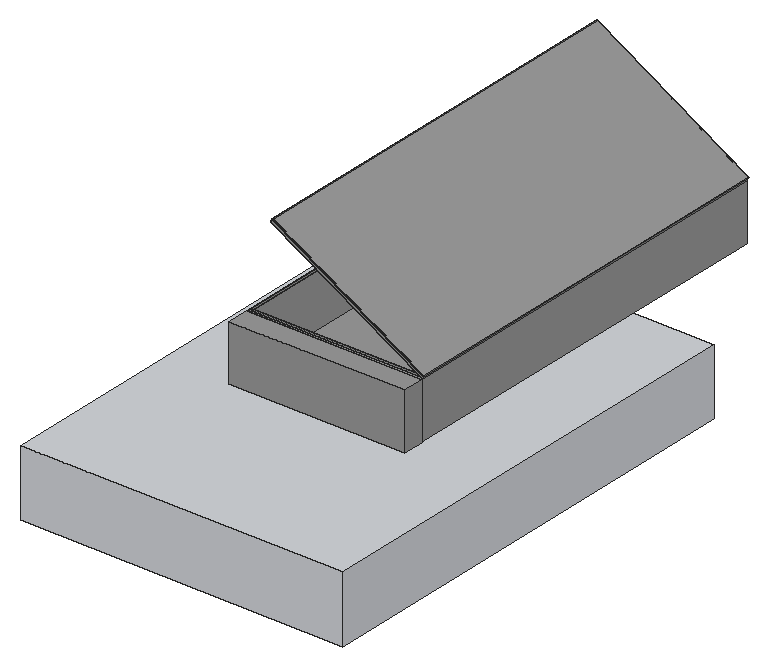
Revit family "Hager-Univers-IP55-D275-H1950-Cl.II-Steel_encl-BE-fr", category Equipement électrique, Revit 2020
Family settings
  Hôte = Face
  Configuration du panneau = Deux colonnes, circuits au sein
  Cote de connecteur circulaire = Utiliser le diamètre
  Type d'élément = Tableau de raccordement
  Couper avec des vides une fois chargée = Non
  Partagée = Non
  Point de calcul de pièce = Non
Parameters (values of type "installation au sol IP55 L800 H1950 P275  - FR23S1")
  Width Control [instance] = if([EF000008 - largeur] > Min Width, [EF000008 - largeur], Min Width)  # 800 mm
  Commentaires du type = [HG000003 - Gamme]  # "Univers"
  Thickness Door [instance] = if([EF009171 - épaisseur de matériau de la porte/du couvercle] > 3 mm, 3 mm, [EF009171 - épaisseur de matériau de la porte/du couvercle])  # 1.5 mm
  Seal Frame Offset [instance] = 17 mm  # constant formula
  Plinth Visibility [instance] = [HG000027 - Hauteur du socle] > 0 mm  # yes
  Model = ""
  Min Width [instance] = 100 mm  # constant formula
  Min Height [instance] = 100 mm  # constant formula
  Min Depth [instance] = (2 * [EF009170 - épaisseur de matériau du boîtier]) + 1 mm  # 4 mm
  Internal Frame Depth [instance] = (Door System Depth * 0.5)  # 9 mm
  Height Control [instance] = if([EF000040 - hauteur] > Min Height, [EF000040 - hauteur], Min Height)  # 1950 mm
  HG000027 - Hauteur du socle = 100 mm
  HG000026 - Installation au sol = yes
  HG000024 - Hauteur de la section basse = 800 mm
  HG000023 - Armoire double section = no
  HG000016 - Visibilité de la porte 3D [instance] = yes
  HG000015 - Visibilité de l'emprise de la porte [instance] = no
  HG000014 - Porte à droite [instance] = yes
  HG000013 - Porte à gauche [instance] = not([HG000014 - Porte à droite])  # no
  HG000012 - Angle de pivotement de la porte [instance] = 30.00°
  HG000010 - Portes asymétriques = no
  HG000009 - Porte à double battant = no
  HG000006 - Encastré = no
  HG000004 - Référence fabricant = "FR23S1"
  HG000003 - Gamme = "Univers"
  HG000002 - avec porte = yes
  Frame Offset Bottom [instance] = 10 mm  # constant formula
  Frame Offset [instance] = 15 mm  # constant formula
  EF015940 - couvercle avec décharge de pression = no
  EF011959 - degré de protection (NEMA) = ""
  EF009554 - nombre d'ouvertures pour plaques à bride = 6
  Fabricant = "Hager"  # constant formula
  EF009212 - finition du couvercle = "EV000116 - fermé"
  EF009171 - épaisseur de matériau de la porte/du couvercle = 1.5 mm
  EF009170 - épaisseur de matériau du boîtier = 1.5 mm
  EF008873 - courant nominal (In) = 800 A
  EF007800 - adapté à un parafoudre = no
  EF006306 - avec serrure = no
  EF006244 - couvercle/porte transparent(e) = no
  EF005474 - indice de protection (IP) = "EV006420 - IP55"
  EF004464 - type de porte = "EV002646 - unique"
  EF004427 - nombre de modules = 432
  EF004293 - indice de protection contre les chocs (IK) = "EV008784 - IK10"
  EF003532 - convient pour utilisation à l’extérieur = no
  EF002950 - largeur en nombre de modules = 24
  EF001613 - maintien de fonction = "EV000494 - sans"
  EF001596 - matériau du boîtier/corps = "EV000179 - acier"
  EF001131 - profondeur intérieure = 275 mm
  EF001088 - possibilité de montage en saillie = yes
  EF000437 - nombre d'entrées de conduit = 6
  EF000339 - type de capot = "EV004216 - porte"
  EF000266 - nombre de rangées = 12
  EF000218 - profondeur d'encastrement = 0 mm
  EF000118 - avec cadre/support de montage = no
  EF000116 - numéro RAL = "7035"
  EF000049 - profondeur = 275 mm
  EF000040 - hauteur = 1950 mm
  EF000008 - largeur = 800 mm
  EF000007 - couleur = "EV000270 - gris"
  EF000003 - mode de pose = "EV012274 - installation au sol"
  Door System Leaf Tolerance [instance] = 1.5 mm  # constant formula
  Door System Depth [instance] = 18 mm  # constant formula
  Door Height [instance] = Height Control - [HG000027 - Hauteur du socle]  # 1850 mm
  Depth Control [instance] = if([EF000049 - profondeur] > Min Depth, [EF000049 - profondeur], Min Depth)  # 275 mm
  Default Elevation = 0 mm
  Connector Offset [instance] = Height Control / 2  # 975 mm
  Bottom Top Plate Trim [instance] = 1.5 mm  # constant formula
  Plinth height Ctrl [instance] = if([HG000027 - Hauteur du socle] > 0 mm, [HG000027 - Hauteur du socle], 12 mm)  # 100 mm
Types (11, lengths in mm): name | Width Control | HG000010 - Portes asymétriques | HG000009 - Porte à double battant | HG000004 - Référence fabricant | EF009554 - nombre d'ouvertures pour plaques à bride | EF006244 - couvercle/porte transparent(e) | EF004464 - type de porte | EF004427 - nombre de modules | EF000437 - nombre d'entrées de conduit | EF000008 - largeur
  installation au sol IP55 L1050 H1950 P275  - FR24L1 | 1050 | yes | yes | "FR24L1" | 8 | yes | "EV003602 - double" | 576 | 8 | 1050
  installation au sol IP55 L1050 H1950 P275  - FR24S1 | 1050 | yes | yes | "FR24S1" | 8 | no | "EV003602 - double" | 576 | 8 | 1050
  installation au sol IP55 L1300 H1950 P275  - FR25L1 | 1300 | yes | yes | "FR25L1" | 10 | yes | "EV003602 - double" | 720 | 10 | 1300
  installation au sol IP55 L1300 H1950 P275  - FR25S1 | 1300 | yes | yes | "FR25S1" | 10 | no | "EV003602 - double" | 720 | 10 | 1300
  installation au sol IP55 L1550 H1950 P275  - FR26L1 | 1550 | yes | yes | "FR26L1" | 12 | yes | "EV003602 - double" | 864 | 12 | 1550
  installation au sol IP55 L1550 H1950 P275  - FR26S1 | 1550 | yes | yes | "FR26S1" | 12 | no | "EV003602 - double" | 864 | 12 | 1550
  installation au sol IP55 L300 H1950 P275  - FR21S1 | 300 | no | no | "FR21S1" | 2 | no | "EV002646 - unique" | 144 | 2 | 300
  installation au sol IP55 L550 H1950 P275  - FR22L1 | 550 | no | no | "FR22L1" | 4 | yes | "EV002646 - unique" | 288 | 4 | 550
  installation au sol IP55 L550 H1950 P275  - FR22S1 | 550 | no | no | "FR22S1" | 4 | no | "EV002646 - unique" | 288 | 4 | 550
  installation au sol IP55 L800 H1950 P275  - FR23L1 | 800 | no | no | "FR23L1" | 6 | yes | "EV002646 - unique" | 432 | 6 | 800
  installation au sol IP55 L800 H1950 P275  - FR23S1 | 800 | no | no | "FR23S1" | 6 | no | "EV002646 - unique" | 432 | 6 | 800
Reference planes
  plane 1 "Center (Front/Back)": y = 0
  plane 2: z = 0
  plane 3 "Center (Left/Right)": x = 0
  plane 4: z = 275
  plane 5: y = 101.5
  plane 6: y = 1025
  plane 7: y = 100
  plane 8: y = 1950
  plane 9: z = 0
  plane 10: x = -385
  plane 11: x = 385
  plane 12: x = 383.5
  plane 13: x = -383.5
  plane 14: y = 1948.5
  plane 15: x = -383
  plane 16: x = -400
  plane 17: x = 383
  plane 18: x = 400
  plane 19: x = 398.5
  plane 20: x = -398.5
  plane 21: y = 111.5
  plane 22: y = 1950
  plane 23: y = 1933.5
  plane 24: z = 257
  plane 25: z = 1.5
  plane 26: z = 255.5
  plane 27: z = 273.5
Forms (mm)
  Extrusion 1, solid
    sketch origin (0, 0, 0) x (1, 0, 0) y (0, 1, 0)
      loop
        line (-702.964, 1305) -> (-702.964, -811.445) -> (766.763, -811.445) -> (766.763, 1305) -> (-702.964, 1305)
    from 0 to -304.8
  Extrusion 2, solid, material "Hager_Steel_RAL7035_Light_Grey", visible <- "Plinth Visibility", detail levels medium+fine
    sketch origin (0, 0, 0) x (1, 0, 0) y (0, 1, 0)
      loop
        line (-400, 0) -> (400, 0) -> (400, 100) -> (-400, 100) -> (-400, 0)
    from 0 to 257
  Extrusion 3, solid, material "Hager_Steel_RAL7035_Light_Grey", detail levels medium+fine
    sketch origin (0, 0, 0) x (1, 0, 0) y (0, 1, 0)
      loop
        line (-400, 100) -> (400, 100) -> (400, 1950) -> (-400, 1950) -> (-400, 100)
    from 0 to 257
  Extrusion 4, void
    sketch origin (0, 0, 0) x (1, 0, 0) y (0, 1, 0)
      loop
        line (-398.5, 101.5) -> (398.5, 101.5) -> (398.5, 1948.5) -> (-398.5, 1948.5) -> (-398.5, 101.5)
    from 1.5 to 255.5
  Extrusion 5, void
    sketch origin (-381.607, -4572, 257) x (0, -1, 0) y (-1, 0, 0)
      loop
        line (-4683.5, 1.893) -> (-6505.5, 1.893) -> (-6505.5, -765.107) -> (-4683.5, -765.107) -> (-4683.5, 1.893)
    from 0 to 1.5 <- "EF009170 - épaisseur de matériau du boîtier"
  Extrusion 6, solid, material "Hager_Steel_RAL7035_Light_Grey", detail levels fine
    sketch origin (0, 0, 257) x (1, 0, 0) y (0, 1, 0)
      loop
        line (-383.5, 1933.5) -> (-383.5, 111.5) -> (383.5, 111.5) -> (383.5, 1933.5) -> (-383.5, 1933.5)
      loop
        line (-385, 110) -> (385, 110) -> (385, 1935) -> (-385, 1935) -> (-385, 110)
    from 0 to 9 <- "Internal Frame Depth"
  Extrusion 7, solid, material "Hager_Steel_RAL7035_Light_Grey", detail levels coarse
    sketch origin (0, 0, 0) x (1, 0, 0) y (0, 1, 0)
      loop
        line (-400, 0) -> (400, 0) -> (400, 1950) -> (-400, 1950) -> (-400, 0)
    from 0 to 275
  Sweep 8, void
    path in 3D
      loop
        line (-400, 100, 0) -> (400, 100, 0) -> (400, 100, 257) -> (-400, 100, 257) -> (-400, 100, 0)
    profile origin (-400, 100, 128.5) x (-1, 0, 0) y (0, -1, 0)
      loop
        line (0, 0) -> (0, 1.5) -> (-1.5, 1.5)
        arc (-1.5, 1.5) -> (-1.061, 0.439) -> (0, 0) r 1.5
Cuts and joins
  Extrusion 4, Extrusion 5 cuts Extrusion 3
  Sweep 8 cuts Extrusion 2
Lines and regions (mm)
  Masking region 1
    outline origin (0, 0, 0) x (1, 0, 0) y (0, 0, 1)
      loop
        line (-400, 275) -> (-400, 0) -> (400, 0) -> (400, 275) -> (-400, 275)
  Masking region 2, detail levels medium+fine
    outline origin (0, 140, 0) x (0, 1, 0) y (0, 0, 1)
      loop
        line (-40, 0) -> (1810, 0) -> (1810, 257) -> (-40, 257) -> (-40, 0)
  Masking region 3, not visible, detail levels medium+fine
    outline origin (0, 297.922, 0) x (0, 1, 0) y (0, 0, 1)
      loop
        line (738.578, 0) -> (778.578, 0) -> (778.578, 263.5)
        arc (778.578, 263.5) -> (775.649, 270.571) -> (768.578, 273.5) r 10
        line (768.578, 273.5) -> (738.578, 273.5) -> (738.578, 0)
  Masking region 4, detail levels coarse
    outline origin (0, 0, 180) x (0, 1, 0) y (0, 0, 1)
      loop
        line (0, -180) -> (1950, -180) -> (1950, 95) -> (0, 95) -> (0, -180)
  Masking region 5, visible <- "Plinth Visibility", detail levels medium+fine
    outline origin (0, 52.24, 12.345) x (0, 0, -1) y (0, 1, 0)
      loop
        line (10.845, 47.76) -> (-243.155, 47.76)
        arc (-243.155, 47.76) -> (-243.594, 46.699) -> (-244.655, 46.26) r 1.5
        line (-244.655, 46.26) -> (-244.655, -52.24) -> (12.345, -52.24) -> (12.345, 46.26)
        arc (12.345, 46.26) -> (11.285, 46.699) -> (10.845, 47.76) r 1.5
  Masking region 6, detail levels medium+fine
    outline origin (-381.607, -4572, 257) x (-1, 0, 0) y (0, -1, 0)
      loop
        line (18.393, -6522) -> (18.393, -4672) -> (-781.607, -4672) -> (-781.607, -6522) -> (18.393, -6522)
  Masking region 7, visible <- "Plinth Visibility", detail levels medium+fine
    outline origin (-381.607, -4727, 257) x (-1, 0, 0) y (0, -1, 0)
      loop
        arc (16.893, -4827) -> (17.332, -4825.939) -> (18.393, -4825.5) r 1.5
        line (18.393, -4825.5) -> (18.393, -4727) -> (-781.607, -4727) -> (-781.607, -4825.5)
        arc (-781.607, -4825.5) -> (-780.546, -4825.939) -> (-780.107, -4827) r 1.5
        line (-780.107, -4827) -> (16.893, -4827)
  Masking region 8, detail levels coarse
    outline origin (-442.548, -4669.526, 257) x (-1, 0, 0) y (0, -1, 0)
      loop
        line (-42.548, -6619.526) -> (-42.548, -4669.526) -> (-842.548, -4669.526) -> (-842.548, -6619.526) -> (-42.548, -6619.526)
  sketch lines
    curve 1: line (-400, 100, 257) -> (-400, 100, 0)
    curve 2: line (400, 100, 257) -> (-400, 100, 257)
    curve 3: line (400, 100, 257) -> (400, 100, 0)
    curve 4: line (-400, 100, 0) -> (400, 100, 0)
Dimensions and locks
  "Depth Control": plane 4 to Extrusion 1
  "HG000027 - Hauteur du socle": plane 1 "Center (Front/Back)" to plane 7
  "EF009170 - épaisseur de matériau du boîtier": plane 5 to plane 7
  locked: connector elem to plane 3 "Center (Left/Right)"
  equal spacing: plane 8, plane 6, plane 7
  locked: connector elem to plane 6
  "EF009170 - épaisseur de matériau du boîtier": plane 8 to plane 14
  "EF009170 - épaisseur de matériau du boîtier": plane 10 to plane 13
  "EF009170 - épaisseur de matériau du boîtier": plane 12 to plane 11
  "Frame Offset": plane 20 to plane 13
  "Frame Offset": plane 12 to plane 19
  "EF009170 - épaisseur de matériau du boîtier": plane 16 to plane 20
  "EF009170 - épaisseur de matériau du boîtier": plane 19 to plane 18
  "Seal Frame Offset": plane 16 to plane 15
  "Seal Frame Offset": plane 17 to plane 18
  "Frame Offset Bottom": plane 21 to plane 5
  "Frame Offset": plane 14 to plane 23
  equal spacing: plane 16, plane 3 "Center (Left/Right)", plane 18
  "Width Control": plane 16 to plane 18
  "EF009170 - épaisseur de matériau du boîtier": plane 4 to plane 27
  "EF009170 - épaisseur de matériau du boîtier": plane 24 to plane 26
  "EF009170 - épaisseur de matériau du boîtier": plane 25 to level
  "Door System Depth": plane 4 to plane 24
  "Height Control": plane 1 "Center (Front/Back)" to Extrusion 7 sketch curve
  "Height Control": Masking region 4 sketch curve to plane 1 "Center (Front/Back)"
  "Height Control": plane 1 "Center (Front/Back)" to plane 22
  "Bottom Top Plate Trim": profile plane to Sweep 8 sketch curve
  "Bottom Top Plate Trim": Sweep 8 sketch curve to profile plane
  "Plinth height Ctrl": plane 1 "Center (Front/Back)" to Extrusion 2 sketch curve
  "Plinth height Ctrl": Masking region 5 sketch curve to plane 1 "Center (Front/Back)"
  "Plinth height Ctrl": plane 1 "Center (Front/Back)" to Masking region 7 sketch curve
  "Thickness Door": Extrusion 6 sketch curve to Extrusion 6 sketch curve  (x3)
  "Thickness Door": cut or joined group of Extrusion 3, Extrusion 4, Extrusion 5 to Extrusion 6 sketch curve
  radius of Masking region 3 sketch curve = 10 mm
  "Bottom Top Plate Trim": radius of Masking region 5 sketch curve  (x2)
  "Bottom Top Plate Trim": radius of Sweep 8 sketch curve
  "Bottom Top Plate Trim": radius of Masking region 7 sketch curve  (x2)
  aligned and locked: plane 2 to Extrusion 1
  aligned and locked: level to Extrusion 1
  aligned and locked: level to Masking region 1 sketch curve
  aligned and locked: Masking region 1 sketch curve to plane 18
  aligned and locked: Masking region 1 sketch curve to plane 16
  aligned and locked: plane 7 to Masking region 2 sketch curve
  aligned and locked: level to Masking region 3 sketch curve
  aligned and locked: Masking region 3 sketch curve to plane 27
  aligned and locked: level to Masking region 2 sketch curve
  aligned and locked: plane 1 "Center (Front/Back)" to Extrusion 2 sketch curve
  aligned and locked: Extrusion 3 sketch curve to plane 7
  aligned and locked: plane 16 to Extrusion 3 sketch curve
  aligned and locked: plane 18 to Extrusion 3 sketch curve
  aligned and locked: plane 20 to Extrusion 4 sketch curve
  aligned and locked: plane 19 to Extrusion 4 sketch curve
  aligned and locked: Extrusion 4 sketch curve to plane 5
  aligned and locked: Extrusion 4 to plane 25
  aligned and locked: plane 26 to Extrusion 4
  aligned and locked: plane 24 to Extrusion 3
  aligned and locked: Extrusion 5 sketch curve to plane 21
  aligned and locked: Extrusion 5 sketch curve to plane 13
  aligned and locked: Extrusion 5 sketch curve to plane 12
  aligned and locked: plane 18 to Extrusion 7 sketch curve
  aligned and locked: plane 1 "Center (Front/Back)" to Extrusion 7 sketch curve
  aligned and locked: plane 16 to Extrusion 7 sketch curve
  aligned and locked: plane 4 to Extrusion 7
  aligned and locked: Extrusion 7 to level
  aligned and locked: level to Masking region 4 sketch curve
  aligned and locked: Masking region 4 sketch curve to plane 1 "Center (Front/Back)"
  aligned and locked: Masking region 4 sketch curve to plane 4
  aligned and locked: nested 1 to level
  aligned and locked: nested 1 to plane 16
  aligned and locked: plane 8 to Extrusion 3 sketch curve
  aligned and locked: plane 23 to Extrusion 5 sketch curve
  aligned and locked: plane 14 to Extrusion 4 sketch curve
  aligned and locked: Masking region 2 sketch curve to plane 8
  aligned and locked: level to Masking region 5 sketch curve
  aligned and locked: plane 16 to Extrusion 2 sketch curve
  aligned and locked: plane 18 to Extrusion 2 sketch curve
  aligned and locked: Masking region 5 sketch curve to plane 24
  aligned and locked: Masking region 2 sketch curve to plane 24
  aligned and locked: plane 24 to Extrusion 2
  aligned and locked: profile plane to Sweep 8 sketch curve  (x2)
  aligned and locked: Masking region 6 sketch curve to plane 18
  aligned and locked: Masking region 6 sketch curve to plane 22
  aligned and locked: Masking region 6 sketch curve to plane 16
  aligned and locked: plane 8 to plane 22
  aligned and locked: Masking region 6 sketch curve to plane 7
  aligned and locked: Masking region 7 sketch curve to plane 16
  aligned and locked: Masking region 7 sketch curve to plane 1 "Center (Front/Back)"
  aligned and locked: Masking region 7 sketch curve to plane 18
  aligned and locked: Masking region 8 sketch curve to plane 1 "Center (Front/Back)"
  aligned and locked: Masking region 8 sketch curve to plane 18
  aligned and locked: Masking region 8 sketch curve to plane 22
  aligned and locked: Masking region 8 sketch curve to plane 16
  aligned and locked: nested 2 to plane 7
  aligned and locked: plane 3 "Center (Left/Right)" to nested 2
  aligned and locked: nested 2 to plane 24
  aligned and locked: Extrusion 6 sketch curve to cut or joined group of Extrusion 3, Extrusion 4, Extrusion 5  (x4)
Automatic sketch dimensions
  Extrusion 1 sketch curve to Extrusion 1 sketch curve = 1469.727 mm
  Extrusion 1 sketch curve to Extrusion 1 sketch curve = 2116.445 mm
  Masking region 1 sketch curve to plane 4 = 0 mm
  plane 6 to Masking region 3 sketch curve = 11.5 mm
  Masking region 3 sketch curve to Masking region 3 sketch curve = 30 mm
  Masking region 5 sketch curve to plane 1 "Center (Front/Back)" = 0 mm
Nested families
  nested 1: "Hager_Enclosure_Symbol" at (-400, 0, 0) x (1, 0, 0) z (0, -1, 0), Height <- "Depth Control", Width <- "Width Control", type "Hager_Enclosure_Symbol"
    with Width_Ctrl 800 mm, Width 800 mm, Height_Ctrl 275 mm, Height 275 mm, A_Width_Int 18.047 mm, A_Width 216.562 mm, A_Height_Ctrl 240.625 mm, A_Height 240.625 mm
  nested 2: "EC000058_Univers_Door" at (0, 100, 257) x (1, 0, 0) z (0, 1, 0), Leaf_Tolerance <- "Door System Leaf Tolerance", Angle <- "HG000012 - Angle de pivotement de la porte", Door_Depth <- "Door System Depth", Door_Left <- "HG000013 - Porte à gauche", Transparent <- "EF006244 - couvercle/porte transparent(e)", Assymetrical <- "HG000010 - Portes asymétriques", Width <- "Width Control", Clearance <- "HG000015 - Visibilité de l'emprise de la porte", Double <- "HG000009 - Porte à double battant", 3d_Door <- "HG000016 - Visibilité de la porte 3D", Lock_Visibility <- "EF006306 - avec serrure", Width_Ctrl <- "Width Control", Door_Right <- "HG000014 - Porte à droite", Door <- "HG000002 - avec porte", Height <- "Door Height", Thickness <- "Thickness Door", type "EC000058_Univers_Door", detail levels medium+fine
    with min_wh 4 mm, Width_Ctrl 800 mm, Width 800 mm, Transparent no, Thickness 1.5 mm, Seal_Material Hager_Rubber, Lock_Visibility no, Lock_Material Hager_Plastic_RAL9005_Jet_Black, Leaf_Width 800 mm, Leaf_Tolerance_External_Sides 0 mm, Leaf_Tolerance 1.5 mm, Leaf_Offset 0 mm, Leaf_Height 1847 mm, Leaf_2_Width 800 mm, Leaf_2_Offset 400 mm, Leaf_1_Width 800 mm, Leaf_1_Offset 400 mm, Height_Ctrl 1850 mm, Height 1850 mm, Glass_Material Hager_Glass, Double_Clearance_Ctrl no, Double no, Door_Right_Ctrl yes, Door_Right yes, Door_Material Hager_Steel_RAL7035_Light_Grey, Door_Left_Ctrl no, Door_Left no, Door_Depth 18 mm, Door yes, Clearance_Material Hager_Clearance, Clearance_Depth 800 mm, Clearance_Ctrl no, Clearance no, Assymetrical no, Angle 30.00°, 3d_Door yes
Connectors
  electrical at (0, 1025, 0)
    settings: on plane 9, index 1, voltage 0 V, apparent load 0 VA, apparent load phase1 0 VA, apparent load phase2 0 VA, apparent load phase3 0 VA, power factor 1, load classification "Other", number of poles 1, system type 30, power factor state 1, is connector primary yes, connector utility no, sub classification motor no, connector description ""
Definition of nested family "EC000058_Univers_Door"
  Parameters (values of type "EC000058_Univers_Door")
    min_wh [instance] = (2 * Thickness) + 1 mm  # 11 mm
    Width_Ctrl [instance] = 400 mm
    Width [instance] = 500 mm
    Transparent [instance] = yes
    Thickness [instance] = 5 mm
    Seal_Material [instance] = none
    Lock_Visibility [instance] = yes
    Lock_Material [instance] = none
    Leaf_Width [instance] = if((Width_Ctrl - 2 * Leaf_Tolerance_External_Sides) > 0 mm, (Width_Ctrl - 2 * Leaf_Tolerance_External_Sides), min_wh)  # 400 mm
    Leaf_Tolerance_External_Sides [instance] = 0 mm  # constant formula
    Leaf_Tolerance [instance] = 1.5 mm
    Leaf_Offset [instance] = 0 mm  # constant formula
    Leaf_Height [instance] = if((Height_Ctrl - 2 * Leaf_Tolerance) > 0 mm, (Height_Ctrl - 2 * Leaf_Tolerance), min_wh)  # 497 mm
    Leaf_2_Width [instance] = if(and(and(Double, Assymetrical), Door_Left), (Leaf_Width / 3) - (Leaf_Tolerance / 2), if(and(and(Double, Assymetrical), Door_Right), (Leaf_Width / 3) * 2 - (Leaf_Tolerance / 2), if(and(Double, not(Assymetrical)), (Leaf_Width / 2) - Leaf_Tolerance, Leaf_Width)))  # 400 mm
    Leaf_2_Offset [instance] = if(and(Double, Assymetrical), Leaf_2_Width / 2, if(and(Double, not(Assymetrical)), Leaf_Width / 4, Leaf_Width / 2))  # 200 mm
    Leaf_1_Width [instance] = if(and(and(Double, Assymetrical), Door_Right), (Leaf_Width / 3) - (Leaf_Tolerance / 2), if(and(and(Double, Assymetrical), Door_Left), (Width / 3) * 2 - (Leaf_Tolerance / 2), if(and(Double, not(Assymetrical)), (Leaf_Width / 2) - Leaf_Tolerance, Leaf_Width)))  # 400 mm
    Leaf_1_Offset [instance] = if(and(Double, Assymetrical), Leaf_1_Width / 2, if(and(Double, not(Assymetrical)), Leaf_Width / 4, Leaf_Width / 2))  # 200 mm
    Height_Ctrl [instance] = if(Height > min_wh, Height, min_wh)  # 500 mm
    Height [instance] = 500 mm
    Glass_Material [instance] = none
    Double_Clearance_Ctrl [instance] = and(Double, Clearance)  # no
    Double [instance] = no
    Door_Right_Ctrl [instance] = and(or(Door_Right, Double), Door)  # yes
    Door_Right [instance] = yes
    Door_Material [instance] = none
    Door_Left_Ctrl [instance] = and(or(Door_Left, Double), Door)  # no
    Door_Left [instance] = no
    Door_Depth [instance] = 30 mm
    Door [instance] = yes
    Default Elevation = 1219.2 mm
    Clearance_Material [instance] = none
    Clearance_Depth [instance] = if(Leaf_1_Width > Leaf_2_Width, Leaf_1_Width, Leaf_2_Width)  # 400 mm
    Clearance_Ctrl [instance] = and(not(Double), Clearance)  # yes
    Clearance [instance] = yes
    Assymetrical [instance] = yes
    Angle [instance] = 30.00°
    3d_Door [instance] = yes
  Reference planes
    plane 1 "Center (Front/Back)": y = 0
    plane 2 "Bottom": z = 0
    plane 3 "Center (Left/Right)": x = 0
    plane 4: z = 500
    plane 5: x = -200
    plane 6: x = 200
    plane 7: z = 500
    plane 8: x = -200
    plane 9: z = 0
    plane 10: x = 200
    plane 11: y = 0
    plane 12: z = 1.5
    plane 13: x = -600
    plane 14: y = -400
    plane 15: x = 600
    plane 16: x = 0
    plane 17: x = 0
    plane 18: x = -200
    plane 19: x = 200
    plane 20: z = 498.5
  Forms (mm)
    Extrusion 1, solid, material <- "Clearance_Material", visible <- "Double_Clearance_Ctrl"
      sketch origin (1200, 0, 0) x (1, 0, 0) y (0, 0, -1)
        loop
          line (-1800, -498.5) -> (-600, -498.5) -> (-600, 0) -> (-1800, 0) -> (-1800, -498.5)
      from 0 to -400
  Dimensions and locks
    equal spacing: plane 5, plane 3 "Center (Left/Right)", plane 6
    "Width_Ctrl": plane 5 to plane 6
    "Leaf_Offset": plane 5 to plane 8
    "Leaf_Offset": plane 6 to plane 10
    "Leaf_Offset": plane 9 to level
    "Leaf_Offset": plane 4 to plane 7
    "Height_Ctrl": plane 4 to level
    "Leaf_Tolerance": plane 12 to plane 9
    locked: plane 11 to plane 1 "Center (Front/Back)"
    "Leaf_1_Offset": plane 18 to plane 16
    "Leaf_2_Offset": plane 17 to plane 19
    "Leaf_1_Width": plane 13 to plane 8
    "Leaf_2_Width": plane 10 to plane 15
    "Clearance_Depth": plane 14 to plane 1 "Center (Front/Back)"
    "Leaf_Tolerance_External_Sides": plane 8 to plane 18
    "Leaf_Tolerance_External_Sides": plane 19 to plane 10
    "Leaf_Tolerance": plane 7 to plane 20
    aligned and locked: level to plane 2 "Bottom"
    aligned and locked: nested 1 to plane 16
    aligned and locked: nested 2 to plane 17
    aligned and locked: Extrusion 1 to plane 13
    aligned and locked: plane 15 to Extrusion 1
    aligned and locked: Extrusion 1 to plane 14
    aligned and locked: plane 12 to nested 1
    aligned and locked: nested 2 to plane 12
    aligned and locked: Extrusion 1 to plane 11
    aligned and locked: plane 20 to Extrusion 1
    aligned and locked: nested 2 to plane 11
    aligned and locked: nested 1 to plane 11
  Automatic sketch dimensions
    Extrusion 1 sketch curve to level = 0 mm
    plane 5 to Extrusion 1 sketch curve = 400 mm
    plane 6 to Extrusion 1 sketch curve = 400 mm
    Extrusion 1 sketch curve to plane 4 = 1.5 mm
  Nested families
    nested 1: "EC000058_Univers_Door_Leaf" at (0, 0, 1.5), Width <- "Leaf_1_Width", visible <- "Door_Left_Ctrl", Leaf_Height <- "Leaf_Height", Angle <- "Angle", 3d_Door <- "3d_Door", Transparent <- "Transparent", Clearance Material <- "Clearance_Material", Clearance <- "Clearance_Ctrl", Door_Material <- "Door_Material", Glass_Material <- "Glass_Material", Door_Depth <- "Door_Depth", Lock_Material <- "Lock_Material", Seal_Material <- "Seal_Material", Lock_Visibility <- "Lock_Visibility", Thickness <- "Thickness", type "EC000058_Univers_Door_Leaf"
      with Width 400 mm, Transparent_Glass_Offset 30 mm, Transparent_Ctrl yes, Transparent yes, Thickness 5 mm, Standard no, Seal_Material none, Seal_D2 8 mm, Seal_D1 1 mm, Offset_Internal_Frame 10 mm, Lock_Width 20 mm, Lock_Visibility_3d yes, Lock_Visibility yes, Lock_Thickness_3 3 mm, Lock_Thickness_2 1 mm, Lock_Thickness_1 3 mm, Lock_Radius_Offset_2 16 mm, Lock_Radius_Offset_1 15 mm, Lock_Radius_2 5 mm, Lock_Radius 6 mm, Lock_Offset 5 mm, Lock_Material none, Lock_Height 80 mm, Lock_Cover_Top_Offset_2d 17 mm, Lock_Cover_Height -65 mm, Leaf_Height 497 mm, Internal_Seal_Thickness 8 mm, Internal_Seal_Depth_2 4.5 mm, Internal_Frame_Depth 25 mm, Glass_Thickness -1 mm, Glass_Offset -2 mm, Glass_Material none, Door_Material none, Door_Depth 30 mm, Clearance Material none, Clearance yes, Angle_Ctrl 30.00°, Angle 30.00°, 3d_Door yes
    nested 2: "EC000058_Univers_Door_Leaf" at (0, 0, 1.5) x (-1, 0, 0) z (0, 0, 1), Width <- "Leaf_2_Width", visible <- "Door_Right_Ctrl", Leaf_Height <- "Leaf_Height", Angle <- "Angle", 3d_Door <- "3d_Door", Transparent <- "Transparent", Clearance Material <- "Clearance_Material", Clearance <- "Clearance_Ctrl", Door_Material <- "Door_Material", Glass_Material <- "Glass_Material", Door_Depth <- "Door_Depth", Lock_Material <- "Lock_Material", Seal_Material <- "Seal_Material", Lock_Visibility <- "Lock_Visibility", Thickness <- "Thickness", type "EC000058_Univers_Door_Leaf"
      with Width 400 mm, Transparent_Glass_Offset 30 mm, Transparent_Ctrl yes, Transparent yes, Thickness 5 mm, Standard no, Seal_Material none, Seal_D2 8 mm, Seal_D1 1 mm, Offset_Internal_Frame 10 mm, Lock_Width 20 mm, Lock_Visibility_3d yes, Lock_Visibility yes, Lock_Thickness_3 3 mm, Lock_Thickness_2 1 mm, Lock_Thickness_1 3 mm, Lock_Radius_Offset_2 16 mm, Lock_Radius_Offset_1 15 mm, Lock_Radius_2 5 mm, Lock_Radius 6 mm, Lock_Offset 5 mm, Lock_Material none, Lock_Height 80 mm, Lock_Cover_Top_Offset_2d 17 mm, Lock_Cover_Height -65 mm, Leaf_Height 497 mm, Internal_Seal_Thickness 8 mm, Internal_Seal_Depth_2 4.5 mm, Internal_Frame_Depth 25 mm, Glass_Thickness -1 mm, Glass_Offset -2 mm, Glass_Material none, Door_Material none, Door_Depth 30 mm, Clearance Material none, Clearance yes, Angle_Ctrl 30.00°, Angle 30.00°, 3d_Door yes
  Definition of nested family "EC000058_Univers_Door_Leaf"
    Parameters (values of type "EC000058_Univers_Door_Leaf")
      Width [instance] = 2000 mm
      Transparent_Glass_Offset [instance] = 30 mm
      Transparent_Ctrl [instance] = and(Transparent, [3d_Door])  # yes
      Transparent [instance] = yes
      Thickness [instance] = 5 mm
      Standard [instance] = and(not(Transparent), [3d_Door])  # no
      Seal_Material [instance] = none
      Seal_D2 [instance] = 8 mm  # constant formula
      Seal_D1 [instance] = 1 mm  # constant formula
      Offset_Internal_Frame [instance] = 10 mm  # constant formula
      Lock_Width [instance] = 20 mm  # constant formula
      Lock_Visibility_3d [instance] = and(Lock_Visibility, [3d_Door])  # yes
      Lock_Visibility [instance] = yes
      Lock_Thickness_3 [instance] = 3 mm  # constant formula
      Lock_Thickness_2 [instance] = 1 mm  # constant formula
      Lock_Thickness_1 [instance] = 3 mm  # constant formula
      Lock_Radius_Offset_2 [instance] = Lock_Radius_Offset_1 + 1 mm  # 16 mm
      Lock_Radius_Offset_1 [instance] = 15 mm  # constant formula
      Lock_Radius_2 [instance] = Lock_Radius - 1 mm  # 5 mm
      Lock_Radius [instance] = 6 mm  # constant formula
      Lock_Offset [instance] = 5 mm  # constant formula
      Lock_Material [instance] = none
      Lock_Height [instance] = 80 mm  # constant formula
      Lock_Cover_Top_Offset_2d [instance] = Lock_Radius_Offset_2 + 1 mm  # 17 mm
      Lock_Cover_Height [instance] = -(Lock_Height - Lock_Radius_Offset_1)  # -65 mm
      Leaf_Height [instance] = 2720.336 mm
      Internal_Seal_Thickness [instance] = 8 mm  # constant formula
      Internal_Seal_Depth_2 [instance] = 4.5 mm  # constant formula
      Internal_Frame_Depth [instance] = if(Door_Depth - Thickness > 5 mm, Door_Depth - Thickness, 5 mm)  # 25 mm
      Glass_Thickness [instance] = if(Thickness > 15 mm, Glass_Offset + 10 mm, -1 mm)  # -1 mm
      Glass_Offset [instance] = if(Thickness > 15 mm, -(Thickness + 10 mm) / 2, -2 mm)  # -2 mm
      Glass_Material [instance] = none
      Door_Material [instance] = none
      Door_Depth [instance] = 30 mm
      Default Elevation = 0 mm
      Clearance Material [instance] = none
      Clearance [instance] = yes
      Angle_Ctrl [instance] = if(Angle > 180.00°, 180.00°, Angle)  # 90.00°
      Angle [instance] = 90.00°
      3d_Door [instance] = yes
    Reference planes
      plane 1 "Center (Front/Back)": y = 0
      plane 2: z = 0
      plane 3 "Center (Left/Right)": x = 0
      plane 4: y = 2000
      plane 5: x = -1000
      plane 6: x = 1000
      plane 7: x = -3000
      plane 8: z = 2720.336
      plane 9: z = 30
      plane 10: z = 2690.336
      plane 11: x = 970
      plane 12: x = -970
      plane 13: y = -3
      plane 14: z = 107.833
      plane 15: y = -5
      plane 16: y = -223.314
      plane 17: x = -1000
      plane 18: z = 1360.168
      plane 19: y = 30
    Forms (mm)
      Extrusion 1, solid, material <- "Clearance Material", visible <- "Clearance"
        sketch origin (0, 0, 0) x (1, 0, 0) y (0, 0, 1)
          loop
            line (-3000, 2720.336) -> (-3000, 0) -> (1000, 0) -> (1000, 2720.336) -> (-3000, 2720.336)
        from 0 to -2000
      Extrusion 2, solid, material <- "Door_Material", visible <- "Standard", detail levels medium+fine
        sketch origin (-1000, 0, 0) x (0, 1, 0) y (-1, 0, 0)
          loop
            line (0, 30) -> (0, 25) -> (2000, 25) -> (2000, 30) -> (0, 30)
        from 0 to 2720.336 <- "Leaf_Height"
      Extrusion 3, solid, material <- "Door_Material", visible <- "Transparent_Ctrl", detail levels medium+fine
        sketch origin (-1000, 0, 0) x (0, 1, 0) y (-1, 0, 0)
          loop
            line (0, 25) -> (2000, 25) -> (2000, 30) -> (0, 30) -> (0, 25)
        from 0 to 2720.336 <- "Leaf_Height"
      Extrusion 4, void
        sketch origin (-1025, 2000, 0) x (0, 1, 0) y (0, 0, -1)
          loop
            line (-30, -2690.336) -> (-30, -30) -> (-1970, -30) -> (-1970, -2690.336) -> (-30, -2690.336)
        from 0 to 5 <- "Thickness"
      Sweep 5, solid, material <- "Seal_Material", visible <- "Transparent_Ctrl", detail levels fine
        path in 3D
          loop
            line (-1025, 30, 30) -> (-1025, 30, 2690.336) -> (-1025, 1970, 2690.336) -> (-1025, 1970, 30) -> (-1025, 30, 30)
        profile origin (-1025, 1000, 30) x (1, 0, 0) y (0, 0, 1)
          loop
            line (0, 0) -> (0, -8) -> (1, -8) -> (1, 0) -> (0, 0)
      Extrusion 6, solid, material <- "Glass_Material", visible <- "Transparent_Ctrl", detail levels medium+fine
        sketch origin (-1030, 0, 0) x (0, 1, 0) y (0, 0, -1)
          loop
            line (1970, -2690.336) -> (1970, -30) -> (30, -30) -> (30, -2690.336) -> (1970, -2690.336)
        from -2 <- "Glass_Offset" to -1 <- "Glass_Thickness"
      Extrusion 7, solid, material <- "Door_Material", visible <- "3d_Door", detail levels medium+fine
        sketch origin (-1025, 2000, 0) x (0, -1, 0) y (0, 0, -1)
          loop
            line (0, -2720.336) -> (2000, -2720.336) -> (2000, 0) -> (0, 0) -> (0, -2720.336)
          loop
            line (1995, -5) -> (5, -5) -> (5, -2715.336) -> (1995, -2715.336) -> (1995, -5)
        from 0 to 25 <- "Internal_Frame_Depth"
      Sweep 8, solid, material <- "Seal_Material", visible <- "Transparent_Ctrl", detail levels fine
        path in 3D
          loop
            line (-1025, 0, 0) -> (-1025, 2000, 0) -> (-1025, 2000, 2720.336) -> (-1025, 0, 2720.336) -> (-1025, 0, 0)
        profile origin (-1025, 0, 1360.168) x (1, 0, 0) y (0, 1, 0)
          loop
            line (0, 10) -> (2.975, 10)
            arc (2.975, 10) -> (4.053, 10.447) -> (4.5, 11.525) r 1.525
            line (4.5, 11.525) -> (4.5, 16.527)
            arc (4.5, 16.527) -> (4.069, 17.569) -> (3.027, 18) r 1.473
            line (3.027, 18) -> (0, 18) -> (0, 10)
      Extrusion 9, solid, material <- "Lock_Material", visible <- "Lock_Visibility_3d", detail levels fine
        sketch origin (-1030, 0, 0) x (0, 1, 0) y (0, 0, -1)
          loop
            arc (1993.5, -1400.168) -> (1994.561, -1399.729) -> (1995, -1398.668) r 1.5
            line (1995, -1398.668) -> (1995, -1320.168) -> (1975, -1320.168) -> (1975, -1398.668)
            arc (1975, -1398.668) -> (1975.439, -1399.729) -> (1976.5, -1400.168) r 1.5
            line (1976.5, -1400.168) -> (1993.5, -1400.168)
        from 3 <- "Lock_Thickness_1" to 0
      Blend 10, solid, material <- "Lock_Material", visible <- "Lock_Visibility_3d", detail levels fine
        base sketch origin (-1033, 0, 0) x (0, 1, 0) y (0, 0, -1)
          loop
            line (1975, -1320.168) -> (1975, -1398.668)
            arc (1975, -1398.668) -> (1975.439, -1399.729) -> (1976.5, -1400.168) r 1.5
            line (1976.5, -1400.168) -> (1993.5, -1400.168)
            arc (1993.5, -1400.168) -> (1994.561, -1399.729) -> (1995, -1398.668) r 1.5
            line (1995, -1398.668) -> (1995, -1320.168) -> (1975, -1320.168)
        top sketch origin (-1033, 0, 0) x (0, 1, 0) y (0, 0, -1)
          loop
            line (1976, -1320.168) -> (1976, -1398.668)
            arc (1976, -1398.668) -> (1976.146, -1399.022) -> (1976.5, -1399.168) r 0.5
            line (1976.5, -1399.168) -> (1993.5, -1399.168)
            arc (1993.5, -1399.168) -> (1993.854, -1399.022) -> (1994, -1398.668) r 0.5
            line (1994, -1398.668) -> (1994, -1320.168) -> (1976, -1320.168)
        from 0 to 1 <- "Lock_Thickness_2"
      Blend 11, solid, material <- "Lock_Material", visible <- "Lock_Visibility_3d", detail levels fine
        base sketch origin (-1034, 0, 0) x (0, 1, 0) y (0, 0, -1)
          loop
            line (1978, -1320.168) -> (1978, -1384.168)
            arc (1978, -1384.168) -> (1985, -1391.168) -> (1992, -1384.168) r 7
            line (1992, -1384.168) -> (1992, -1320.168) -> (1978, -1320.168)
        top sketch origin (-1034, 0, 0) x (0, 1, 0) y (0, 0, -1)
          loop
            line (1991, -1320.168) -> (1979, -1320.168) -> (1979, -1383.168)
            arc (1979, -1383.168) -> (1985, -1389.168) -> (1991, -1383.168) r 6
            line (1991, -1383.168) -> (1991, -1320.168)
        from 0 to 3 <- "Lock_Thickness_3"
      Extrusion 12, solid, material <- "Lock_Material", visible <- "Lock_Visibility_3d", detail levels fine
        sketch origin (-1030, 1975, 1320.168) x (1, 0, 0) y (0, -1, 0)
          loop
            line (-7, -19) -> (-7, -1) -> (0, -1) -> (0, 0) -> (-8, 0) -> (-8, -20) -> (0, -20) -> (0, -19) -> (-7, -19)
        from 0 to -65 <- "Lock_Cover_Height"
      Extrusion 13, void
        sketch origin (-1038, 1995, 1320.168) x (-1, 0, 0) y (0, 0, -1)
          loop
            line (-5, -65) -> (0, -65) -> (-5, -60) -> (-5, -65)
        from 0 to 20 <- "Lock_Width"
      Extrusion 14, void
        sketch origin (-1038, 1975, 1320.168) x (0, -1, 0) y (0, 0, -1)
          loop
            circle (-10, -15.995) r 6
          loop
            circle (-10, -15.995) r 5
        from 0 to 2
      Extrusion 15, solid, material <- "Lock_Material", visible <- "Lock_Visibility_3d", detail levels medium
        sketch origin (-1030, 0, 0) x (0, 1, 0) y (0, 0, -1)
          loop
            arc (1993.5, -1400.168) -> (1994.561, -1399.729) -> (1995, -1398.668) r 1.5
            line (1995, -1398.668) -> (1995, -1320.168) -> (1975, -1320.168) -> (1975, -1398.668)
            arc (1975, -1398.668) -> (1975.439, -1399.729) -> (1976.5, -1400.168) r 1.5
            line (1976.5, -1400.168) -> (1993.5, -1400.168)
        from 8 to 0
    Cuts and joins
      Extrusion 4 cuts Extrusion 3
      Extrusion 13, Extrusion 14 cuts Extrusion 9
      Extrusion 14 cuts Blend 11
      Extrusion 13, Extrusion 14 cuts Extrusion 12
      joined: Extrusion 9, Blend 10, Blend 11, Extrusion 12
      Extrusion 14 cuts Extrusion 15
    Lines and regions (mm)
      Masking region 1, visible <- "Lock_Visibility", detail levels fine
        outline origin (0, 0, 0) x (0, 1, 0) y (0, 0, 1)
          loop
            line (30, 1320.168) -> (33, 1320.168) -> (33, 1400.168) -> (30, 1400.168) -> (30, 1320.168)
      Masking region 2, visible <- "Lock_Visibility", detail levels fine
        outline origin (0, 3.143, 0) x (0, 1, 0) y (0, 0, 1)
          loop
            line (29.857, 1354.168) -> (30.857, 1354.168) -> (30.857, 1366.168) -> (29.857, 1366.168) -> (29.857, 1354.168)
      Masking region 3, detail levels medium+fine
        outline origin (0, 0, 0) x (0, 1, 0) y (0, 0, 1)
          loop
            line (0, 0) -> (30, 0) -> (30, 2720.336) -> (0, 2720.336) -> (0, 0)
      Masking region 4, detail levels medium+fine
        outline origin (0, 0, 0) x (1, 0, 0) y (0, 0, 1)
          loop
            line (-1000, 2720.336) -> (-1000, 0) -> (1000, 0) -> (1000, 2720.336) -> (-1000, 2720.336)
      Masking region 5, visible <- "Lock_Visibility", detail levels fine
        outline origin (-47.116, 0, 0) x (1, 0, 0) y (0, 0, 1)
          loop
            arc (1024.616, 1399.168) -> (1023.556, 1398.729) -> (1023.116, 1397.668) r 1.5
            line (1023.116, 1397.668) -> (1023.116, 1320.168) -> (1041.116, 1320.168) -> (1041.116, 1397.668)
            arc (1041.116, 1397.668) -> (1040.677, 1398.729) -> (1039.616, 1399.168) r 1.5
            line (1039.616, 1399.168) -> (1024.616, 1399.168)
      Masking region 6, visible <- "Lock_Visibility", detail levels medium+fine
        outline origin (-25, 0, 0) x (1, 0, 0) y (0, 0, 1)
          loop
            arc (1001.5, 1400.168) -> (1000.439, 1399.729) -> (1000, 1398.668) r 1.5
            line (1000, 1398.668) -> (1000, 1320.168) -> (1020, 1320.168) -> (1020, 1398.668)
            arc (1020, 1398.668) -> (1019.561, 1399.729) -> (1018.5, 1400.168) r 1.5
            line (1018.5, 1400.168) -> (1001.5, 1400.168)
      Masking region 7, visible <- "Lock_Visibility", detail levels fine
        outline origin (-73.735, 0, 0) x (1, 0, 0) y (0, 0, 1)
          loop
            line (1051.735, 1382.168) -> (1065.735, 1382.168) -> (1065.735, 1384.168)
            arc (1065.735, 1384.168) -> (1058.735, 1391.168) -> (1051.735, 1384.168) r 7
            line (1051.735, 1384.168) -> (1051.735, 1382.168)
      Masking region 8, visible <- "Lock_Visibility", detail levels fine
        outline origin (-73.735, 0, 0) x (1, 0, 0) y (0, 0, 1)
          loop
            line (1052.735, 1382.168) -> (1064.735, 1382.168) -> (1064.735, 1383.168)
            arc (1064.735, 1383.168) -> (1058.735, 1389.168) -> (1052.735, 1383.168) r 6
            line (1052.735, 1383.168) -> (1052.735, 1382.168)
      Masking region 9, visible <- "Lock_Visibility", detail levels fine
        outline origin (-25, 0, 0) x (1, 0, 0) y (0, 0, 1)
          loop
            line (1020, 1320.168) -> (1020, 1382.168) -> (1000, 1382.168) -> (1000, 1320.168) -> (1020, 1320.168)
      Masking region 10, detail levels medium+fine
        outline origin (0, 0, 0) x (1, 0, 0) y (0, 0, 1)
          loop
            circle (985, 1335.144) r 6
      Masking region 11, detail levels fine
        outline origin (0, 0, 0) x (1, 0, 0) y (0, 0, 1)
          loop
            circle (985, 1335.144) r 5
      Masking region 12, visible <- "Lock_Visibility", detail levels fine
        outline origin (0, 12.767, 0) x (0, 1, 0) y (0, 0, 1)
          loop
            line (20.233, 1320.168) -> (21.233, 1320.168) -> (21.233, 1399.168) -> (20.233, 1400.168) -> (20.233, 1320.168)
      Masking region 13, visible <- "Lock_Visibility", detail levels fine
        outline origin (0, 13.767, -10) x (0, 1, 0) y (0, 0, 1)
          loop
            line (20.233, 1330.168) -> (23.233, 1330.168) -> (23.233, 1399.168) -> (20.233, 1402.168) -> (20.233, 1330.168)
      Masking region 14, visible <- "Lock_Visibility", detail levels fine
        outline origin (0, 12.767, -10) x (0, 1, 0) y (0, 0, 1)
          loop
            line (20.233, 1330.168) -> (25.233, 1330.168) -> (25.233, 1399.305) -> (20.233, 1394.305) -> (20.233, 1330.168)
      Masking region 15, visible <- "Lock_Visibility", detail levels medium
        outline origin (0, 0, 0) x (0, 1, 0) y (0, 0, 1)
          loop
            line (30, 1320.168) -> (38, 1320.168) -> (38, 1400.168) -> (30, 1400.168) -> (30, 1320.168)
      Masking region 16, visible <- "Lock_Visibility", detail levels fine
        outline origin (-1000, 0, 0) x (0, 1, 0) y (-1, 0, 0)
          loop
            line (1975, 30) -> (1995, 30) -> (1995, 38) -> (1975, 38) -> (1975, 30)
          loop
            line (1979, 37) -> (1976, 37) -> (1976, 34) -> (1978, 34) -> (1979, 37)
          loop
            line (1994, 37) -> (1991, 37) -> (1992, 34) -> (1994, 34) -> (1994, 37)
      Masking region 17, visible <- "Lock_Visibility", detail levels medium
        outline origin (-1000, 0, 0) x (0, 1, 0) y (-1, 0, 0)
          loop
            line (1975, 30) -> (1995, 30) -> (1995, 38) -> (1975, 38) -> (1975, 30)
      symbolic lines
        curve 1: line (1000, 0, 0) -> (-3000, 0, 0)
        curve 2: arc (1000, 0, 0) -> (-1000, 2000, 0) -> (-3000, 0, 0) r 2000
        curve 4: line (-1030, 0, 0) -> (-1030, 2000, 0)
      reference lines
        curve 3: line (-1000, 0, 0) -> (-1000, 2000, 0)
      symbolic lines, detail levels medium+fine
        curve 5: line (-1030, 2000, 0) -> (-1025, 2000, 0)
        curve 7: line (-1025, 0, 0) -> (-1030, 0, 0)
        curve 8: line (-1025, 0, 0) -> (-1000, 0, 0)
        curve 9: line (-1000, 0, 0) -> (-1000, 2000, 0)
        curve 10: line (-1000, 2000, 0) -> (-1025, 2000, 0)
      symbolic lines, detail levels fine
        curve 6: line (-1025, 2000, 0) -> (-1025, 0, 0)
      sketch lines
        curve 11: line (-1025, 0, 2720.336) -> (-1025, 0, 0)
        curve 12: line (-1025, 2000, 0) -> (-1025, 0, 0)
        curve 13: line (-1025, 2000, 2720.336) -> (-1025, 2000, 0)
        curve 14: line (-1025, 0, 2720.336) -> (-1025, 2000, 2720.336)
        curve 15: line (-1025, 1970, 30) -> (-1025, 30, 30)
        curve 16: line (-1025, 30, 30) -> (-1025, 30, 2690.336)
        curve 17: line (-1025, 1970, 2690.336) -> (-1025, 1970, 30)
        curve 18: line (-1025, 30, 2690.336) -> (-1025, 1970, 2690.336)
      symbolic lines, visible <- "Transparent", detail levels medium+fine
        curve 19: line (-970, 0, 2690.336) -> (970, 0, 2690.336)
        curve 20: line (-970, 0, 30) -> (-970, 0, 2690.336)
        curve 21: line (970, 0, 30) -> (-970, 0, 30)
        curve 22: line (970, 0, 2690.336) -> (970, 0, 30)
    Dimensions and locks
      "Width": plane 1 "Center (Front/Back)" to plane 4
      equal spacing: plane 5, plane 3 "Center (Left/Right)", plane 6
      "Width": plane 5 to plane 6
      "Width": plane 7 to plane 5
      "Leaf_Height": plane 8 to level
      "Width": curve 5 to curve 3
      "Width": curve 3 to curve 3
      plane 8 to plane 10 = 30 mm
      plane 9 to level = 30 mm
      plane 12 to plane 5 = 30 mm
      plane 6 to plane 11 = 30 mm
      Extrusion 1 to Extrusion 4 sketch curve = 30 mm
      "Transparent_Glass_Offset": curve 3 to Extrusion 4 sketch curve
      "Transparent_Glass_Offset": Extrusion 4 sketch curve to cut or joined group of Extrusion 3, Extrusion 4  (x2)
      cut or joined group of Extrusion 3, Extrusion 4 to Extrusion 6 sketch curve = 30 mm
      "Transparent_Glass_Offset": cut or joined group of Extrusion 3, Extrusion 4 to Extrusion 4 sketch curve
      "Thickness": curve 6 to curve 4
      "Thickness": Extrusion 7 sketch curve to Extrusion 7 sketch curve  (x4)
      "Door_Depth": curve 4 to curve 3
      "Offset_Internal_Frame": profile plane to Sweep 8 sketch curve
      "Internal_Seal_Thickness": Sweep 8 sketch curve to Sweep 8 sketch curve
      "Internal_Seal_Depth_2": profile plane to Sweep 8 sketch curve
      "Seal_D1": profile plane to Sweep 5 sketch curve
      "Seal_D2": profile plane to Sweep 5 sketch curve
      "Thickness": Extrusion 2 sketch curve to Extrusion 2 sketch curve
      equal spacing: Extrusion 9 sketch curve, plane 18, Extrusion 9 sketch curve  (x2)
      equal spacing: Masking region 1 sketch curve, plane 18, Masking region 1 sketch curve
      "Lock_Height": Masking region 1 sketch curve to Masking region 1 sketch curve
      "Lock_Radius": Masking region 2 sketch curve to plane 18 to Masking region 2 sketch curve
      Masking region 2 sketch curve to Masking region 1 = 1 mm
      "Door_Depth": plane 19 to plane 1 "Center (Front/Back)"
      "Lock_Thickness_1": Masking region 1 sketch curve to plane 19
      "Lock_Width": Extrusion 9 sketch curve to Extrusion 9 sketch curve
      "Lock_Height": Extrusion 9 sketch curve to Extrusion 9 sketch curve
      "Lock_Offset": cut or joined group of Extrusion 3, Extrusion 4 to Extrusion 9 sketch curve
      equal spacing: plane 8, plane 18, level
      "Lock_Radius_Offset_1": Blend 11 sketch curve to Blend 10
      locked: Blend 10 to Blend 11 sketch curve at 2  (x2)
      locked: var sketch to Blend 11 sketch curve at 1  (x2)
      "Lock_Radius_Offset_2": Blend 11 sketch curve to Blend 10
      locked: Extrusion 12 sketch curve to Extrusion 12 sketch curve at 1  (x3)
      Masking region 6 sketch curve to Masking region 6 sketch curve = 80 mm
      "Lock_Height": Masking region 6 sketch curve to Masking region 6 sketch curve
      "Lock_Width": Masking region 6 sketch curve to Masking region 6 sketch curve
      locked: Masking region 6 to Masking region 5 sketch curve at 1  (x3)
      locked: Masking region 5 to Masking region 7 sketch curve at 2  (x2)
      "Lock_Radius_Offset_1": Masking region 5 to Masking region 7 sketch curve
      "Lock_Radius_Offset_2": Masking region 5 to Masking region 8 sketch curve
      locked: Masking region 7 to Masking region 8 sketch curve at 1  (x2)
      "Lock_Cover_Top_Offset_2d": Masking region 5 to Masking region 9 sketch curve
      equal spacing: Masking region 9, Masking region 10 sketch curve, Masking region 9
      equal spacing: Masking region 9, Masking region 11 sketch curve, Masking region 9
      Extrusion 15 sketch curve to Extrusion 15 sketch curve = 80 mm
      "Lock_Width": Extrusion 15 sketch curve to Extrusion 15 sketch curve
      "Lock_Height": Extrusion 15 sketch curve to Extrusion 15 sketch curve
      equal spacing: Extrusion 15 sketch curve, plane 18, Extrusion 15 sketch curve
      "Lock_Thickness_3": Masking region 13 sketch curve to Masking region 13 sketch curve
      "Lock_Height": Masking region 12 sketch curve to Masking region 12 sketch curve
      locked: Masking region 13 sketch curve to Masking region 1 at 8
      locked: Masking region 14 sketch curve to Masking region 13 at 1
      locked: Masking region 14 sketch curve to Masking region 1 at 10.863
      "Lock_Height": Masking region 15 sketch curve to Masking region 15 sketch curve
      "Lock_Offset": Extrusion 15 sketch curve to cut or joined group of Extrusion 3, Extrusion 4
      "Lock_Offset": plane 6 to Masking region 6 sketch curve
      radius of Sweep 8 sketch curve = 1.525 mm
      radius of Sweep 8 sketch curve = 1.473 mm
      radius of Extrusion 9 sketch curve = 1.5 mm  (x2)
      "Lock_Radius": radius of Extrusion 14 sketch curve
      "Lock_Radius_2": radius of Extrusion 14 sketch curve
      "Lock_Radius": radius of Masking region 10 sketch curve
      "Lock_Radius_2": radius of Masking region 11 sketch curve
      radius of Extrusion 15 sketch curve = 1.5 mm  (x2)
      "Angle_Ctrl": angle plane 1 "Center (Front/Back)" to curve 3
      locked: Masking region 12 sketch curve to Masking region 12 sketch curve (angle 45.00°)
      locked: Masking region 13 sketch curve to Masking region 13 sketch curve (angle 45.00°)
      locked: Masking region 14 sketch curve to Masking region 14 sketch curve (angle 45.00°)
      aligned and locked: level to plane 2
      aligned and locked: Extrusion 1 to curve 1
      aligned and locked: plane 6 to Extrusion 1
      aligned and locked: Extrusion 1 to plane 1 "Center (Front/Back)"
      aligned and locked: plane 4 to Extrusion 1
      aligned and locked: plane 8 to Extrusion 1
      aligned and locked: curve 7 to Extrusion 2 sketch curve
      aligned and locked: curve 5 to Extrusion 2 sketch curve
      aligned and locked: curve 7 to Extrusion 3 sketch curve
      aligned and locked: Extrusion 3 sketch curve to curve 4
      aligned and locked: Extrusion 3 sketch curve to curve 6
      aligned and locked: Extrusion 3 sketch curve to curve 5
      aligned and locked: curve 9 to curve 3
      aligned and locked: Extrusion 7 sketch curve to cut or joined group of Extrusion 3, Extrusion 4  (x4)
      aligned and locked: plane 17 to curve 3
      aligned and locked: plane 1 "Center (Front/Back)" to curve 3
      aligned and locked: plane 17 to plane 5
      aligned and locked: Sweep 8 sketch curve to profile plane
      aligned and locked: Sweep 5 sketch curve to profile plane  (x2)
      aligned and locked: Masking region 1 to Masking region 2 sketch curve
      aligned and locked: plane 19 to Masking region 1 sketch curve
      aligned and locked: plane 1 "Center (Front/Back)" to Masking region 3 sketch curve
      aligned and locked: plane 19 to Masking region 3 sketch curve
      aligned and locked: level to Masking region 3 sketch curve
      aligned and locked: Masking region 3 sketch curve to plane 8
      aligned and locked: plane 17 to Masking region 4 sketch curve
      aligned and locked: level to Masking region 4 sketch curve
      aligned and locked: Masking region 4 sketch curve to plane 8
      aligned and locked: plane 12 to curve 20
      aligned and locked: plane 10 to curve 19
      aligned and locked: plane 11 to curve 22
      aligned and locked: curve 21 to plane 9
      aligned and locked: Extrusion 2 sketch curve to cut or joined group of Extrusion 3, Extrusion 4
      aligned and locked: Blend 10 sketch curve to Extrusion 9  (x4)
      aligned and locked: Extrusion 9 to Blend 10 sketch curve
      aligned and locked: Blend 10 to Blend 11 sketch curve
      aligned and locked: Extrusion 12 sketch curve to Blend 11
      aligned and locked: Extrusion 12 sketch curve to Extrusion 9  (x4)
      aligned and locked: Masking region 5 sketch curve to Masking region 6
      aligned and locked: Masking region 9 sketch curve to Masking region 6  (x3)
      aligned and locked: Masking region 12 sketch curve to Masking region 1
      aligned and locked: Masking region 13 sketch curve to Masking region 1
      aligned and locked: Masking region 12 to Masking region 14
      aligned and locked: Masking region 14 sketch curve to Masking region 1
      aligned and locked: Masking region 15 sketch curve to Masking region 14
      aligned and locked: Masking region 13 sketch curve to Masking region 12
      aligned and locked: Masking region 16 sketch curve to cut or joined group of Extrusion 14, Extrusion 15  (x4)
      aligned and locked: Masking region 16 sketch curve to cut or joined group of Extrusion 9, Blend 10, Blend 11, Extrusion 12, Extrusion 13, Extrusion 14  (x6)
      aligned and locked: cut or joined group of Extrusion 9, Blend 10, Blend 11, Extrusion 12, Extrusion 13, Extrusion 14 to Masking region 16 sketch curve
      aligned and locked: Masking region 17 sketch curve to cut or joined group of Extrusion 14, Extrusion 15  (x3)
      aligned and locked: Masking region 17 sketch curve to cut or joined group of Extrusion 9, Blend 10, Blend 11, Extrusion 12, Extrusion 13, Extrusion 14
      aligned and locked: Masking region 9 to Masking region 8 sketch curve
      aligned and locked: Masking region 9 to Masking region 7 sketch curve
    Automatic sketch dimensions
      plane 1 "Center (Front/Back)" to curve 2 = 0 mm
      curve 2 to plane 5 = 0 mm
      Extrusion 1 sketch curve to level = 0 mm
      Extrusion 1 sketch curve to plane 7 = 0 mm
      Extrusion 1 sketch curve to plane 6 = 0 mm
      Extrusion 1 sketch curve to plane 8 = 0 mm
      Extrusion 3 to Extrusion 6 sketch curve = 30 mm  (x4)
      Masking region 4 sketch curve to plane 6 = 0 mm
      Blend 10 sketch curve to Extrusion 9 = 1.5 mm
      Blend 10 sketch curve to Extrusion 9 = 1 mm
      Extrusion 13 sketch curve to Extrusion 12 = 0 mm  (x2)
      Extrusion 12 to Extrusion 13 sketch curve = 3 mm
      Extrusion 13 sketch curve to Extrusion 12 = 5 mm
      Extrusion 14 sketch curve to Extrusion 14 sketch curve = 0 mm  (x2)
      Extrusion 14 sketch curve to Extrusion 12 = 10 mm
      Extrusion 14 sketch curve to Extrusion 12 = 15.995 mm
      Masking region 5 sketch curve to Masking region 5 sketch curve = 1.5 mm  (x2)
      Masking region 10 sketch curve to plane 18 = 25.024 mm
      Masking region 11 sketch curve to plane 18 = 25.024 mm
      plane 19 to Masking region 14 sketch curve = 3 mm
      Masking region 16 sketch curve to Masking region 16 sketch curve = 3 mm
      curve 4 to curve 3 = 0 mm
      Blend 10 to Blend 11 sketch curve = 0 mm
      Masking region 6 sketch curve to Masking region 6 sketch curve = 1.5 mm  (x2)
      Masking region 6 sketch curve to plane 18 = 40 mm
      plane 19 to Masking region 12 sketch curve = 3 mm
      Masking region 12 sketch curve to Masking region 12 sketch curve = 1 mm
      Masking region 15 sketch curve to plane 19 = 0 mm
      Masking region 15 sketch curve to plane 18 = 40 mm
      radius of Blend 10 sketch curve to Extrusion 9 = 1 mm
Definition of nested family "Hager_Enclosure_Symbol"
  Parameters (values of type "Hager_Enclosure_Symbol")
    Width_Ctrl [instance] = if(Width > 1 mm, Width, 1 mm)  # 102.27 mm
    Width [instance] = 102.27 mm
    Height_Ctrl [instance] = if(Height > 1 mm, Height, 1 mm)  # 66.5 mm
    A_Width_Int [instance] = if(A_Width / 12 > 2 mm, A_Width / 12, 2 mm)  # 4.364 mm
    A_Width [instance] = if(A_Height_Ctrl * 0.9 > 2 mm, A_Height_Ctrl * 0.9, 2 mm)  # 52.369 mm
    A_Height_Ctrl [instance] = if(A_Height > 2 mm, A_Height, 2 mm)  # 58.188 mm
    Height [instance] = 66.5 mm
    A_Height [instance] = Height - (Height / 8)  # 58.188 mm
  Reference planes
    plane 1 "Centre (avant/arrière)": y = 0
    plane 2: z = 0
    plane 3 "Centre (gauche/droite)": x = 0
    plane 4: x = 52.369
    plane 5: y = 33.042
    plane 6: y = 41.77
    plane 7: y = 66.5
    plane 8: x = 26.184
    plane 9: y = 37.406
    plane 10: x = 102.27
    plane 11: y = 66.5
    plane 12: y = 8.313
  Lines and regions (mm)
    Filled region 1, type "Solid_Black", in view "Niveau de réf."
      outline origin (0, 0, 0) x (1, 0, 0) y (0, 1, 0)
        loop
          line (52.369, 66.5) -> (33.188, 54.536) -> (45.365, 45.006) -> (52.369, 66.5)
    Filled region 2, type "Solid_Black", in view "Niveau de réf."
      outline origin (0, 0, 0) x (1, 0, 0) y (0, 1, 0)
        loop
          line (0, 0) -> (102.27, 0) -> (102.27, 66.5) -> (0, 0)
    detail lines, in view "Niveau de réf."
      curve 1: line (0, 8.313, 0) -> (26.184, 41.77, 0)
      curve 2: line (26.184, 41.77, 0) -> (26.184, 33.042, 0)
      curve 3: line (26.184, 33.042, 0) -> (52.369, 66.5, 0)
  Dimensions and locks
    "A_Width": plane 3 "Centre (gauche/droite)" to plane 4
    equal spacing: plane 3 "Centre (gauche/droite)", plane 8, plane 4
    equal spacing: plane 6, plane 9, plane 5
    equal spacing: curve 3, Filled region 1 sketch curve, Filled region 1 sketch curve
    "Height_Ctrl": plane 1 "Centre (avant/arrière)" to plane 11
    "A_Height_Ctrl": plane 11 to plane 12
    equal spacing: plane 11, plane 9, plane 12
    "A_Width_Int": plane 6 to plane 9
    "Width_Ctrl": plane 3 "Centre (gauche/droite)" to plane 10
    angle Filled region 1 sketch curve to curve 3 = 20.00°
    angle curve 3 to Filled region 1 sketch curve = 20.00°
    locked: curve 3 to Filled region 1 sketch curve (angle 90.00°)
    aligned and locked: plane 10 to Filled region 2
    aligned and locked: plane 11 to Filled region 2 sketch curve
    aligned and locked: plane 10 to Filled region 2 sketch curve
    aligned and locked: plane 3 "Centre (gauche/droite)" to curve 1
    aligned and locked: plane 12 to curve 1
    aligned and locked: plane 7 to plane 11
  Automatic sketch dimensions
    Filled region 1 sketch curve to plane 4 = 0 mm
    Filled region 1 sketch curve to plane 7 = 0 mm
    plane 1 "Centre (avant/arrière)" to Filled region 2 sketch curve = 0 mm
    Filled region 2 sketch curve to plane 3 "Centre (gauche/droite)" = 0 mm
    curve 2 to plane 6 = 0 mm
    curve 2 to plane 8 = 0 mm
    curve 3 to plane 4 = 0 mm
    curve 2 to plane 5 = 0 mm
    curve 3 to plane 7 = 0 mm
